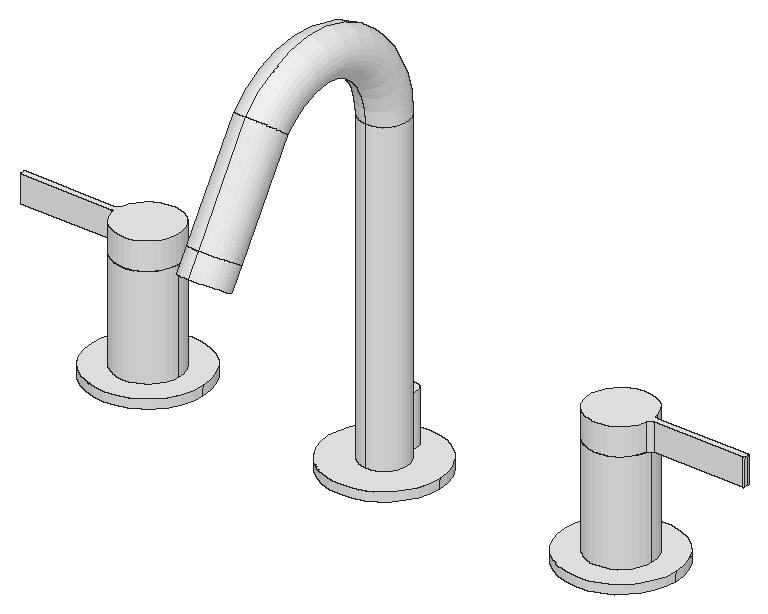
Revit family "Faucet-Counter_Mount-Kohler-Stillness-K_942-4", category Plumbing Fixtures, host Face, Revit 2015
Parameters (values of type "CP - Polished Chrome")
  Waste Connection = no
  WFU = 0
  Version = "2014 - v1.0a"  # constant formula
  Vent Connection = no
  URL = "http://www.us.kohler.com/us/"
  Spout Reach = 0' - 3 7/8"  # constant formula
  Product Page URL = "http://www.us.kohler.com/us/catalog/productDetails.jsp?productNumber=942-4"
  Product Name = "Stillness Widespread Bathroom Sink Faucet With Lever Handles"  # constant formula
  Product Documentation Link = "http://www.us.kohler.com/webassets/kpna/catalog/pdf/en/K-942-4_spec.pdf"
  Pressure = 60.00 psi  # constant formula
  Model = if(ControlM = 6820, "K-942-4-BN", if(ControlM = 6914, "K-942-4-CP", "None"))  # "K-942-4-CP"
  Material = "Brass"  # constant formula
  Manufacturer Phone Number = "800-456-4537"  # constant formula
  Manufacturer Address = "444 Highland Drive, Kohler, WI  53044"  # constant formula
  Manufacturer = "Kohler"  # constant formula
  Length = 0' - 3 7/8"  # constant formula
  Keynote = "22 40 00"
  Hot Water Diameter = 0' - 0 3/8"  # constant formula
  Hot Water Connector = "Hot Water"  # constant formula
  Height = 0' - 7 1/4"  # constant formula
  Handle Clearance = 0' - 2 1/8"  # constant formula
  HWFU = 0
  HW Connection = yes
  Flow Rate = 1.2 GPM  # constant formula
  Finish = Metal - Kohler - CP - Polished Chrome
  Faucet Hole Spacing [instance] = if(Desired Faucet Hole Spacing < 0' 8", 0' 8", (if(Desired Faucet Hole Spacing > 1' 4", 1' 4", Desired Faucet Hole Spacing)))  # 0' - 8"
  Desired Faucet Hole Spacing [instance] = 0' - 5"
  Description = if(ControlM = 6820, "Widespread Bathroom Sink Faucet, Vibrant Brushed Nickel", if(ControlM = 6914, "Widespread Bathroom Sink Faucet, Polished Chrome", "Not Available"))  # "Widespread Bathroom Sink Faucet, Polished Chrome"
  Default Elevation = 2' - 10"
  Copyright = "Copyright 2015 by Kohler Co."  # constant formula
  ControlM = 6914
  Cold Water Diameter = 0' - 0 3/8"  # constant formula
  Cold Water Connector = "Cold Water"  # constant formula
  CWFU = 0
  CW Connection = yes
  Assembly Code = "D2010"
  ADA Compliant = yes
Types (2): name | Model | Finish | Desired Faucet Hole Spacing | Description | ControlM
  BN - Vibrant Brushed Nickel | "K-942-4-BN" | Metal - Kohler - SN - Vibrant Polished Nickel | 0' - 8" | "Widespread Bathroom Sink Faucet, Vibrant Brushed Nickel" | 6820
  CP - Polished Chrome | "K-942-4-CP" | Metal - Kohler - CP - Polished Chrome | 0' - 5" | "Widespread Bathroom Sink Faucet, Polished Chrome" | 6914
Reference planes (in)
  plane 1 "Center (Front/Back)": y = 0
  plane 2: z = 0
  plane 3 "Center (Left/Right)": x = 0
  plane 4 "Right Handle": x = 4
  plane 5 "Left Handle": x = -4
  plane 6: z = 7.25
  plane 7: y = 0.5293
  plane 8: y = -0.5293
  plane 9: z = 1.85
  plane 10: z = 1.86
  plane 11: z = 2.3125
  plane 12: z = 1
  plane 13: y = -3.875
  plane 14: z = 4.5
  plane 15: y = 0
  plane 16: x = -4
  plane 17 "Front": y = -4.12621
  plane 18: y = 0
  plane 19: x = -1.09119
  plane 20: x = 1.09119
Forms (in)
  Extrusion 1, solid, material "Metal - Kohler - CP - Polished Chrome" <- "Finish"
    sketch origin (0, 0, 0) x (1, 0, 0) y (0, 1, 0)
      loop
        circle (0, 0) r 0.9375
    from 0 to 0.15
  Sweep 2, solid, material "Metal - Kohler - CP - Polished Chrome" <- "Finish"
    path origin (0, 0, 0) x (0, -1, 0) y (0, 0, 1)
      loop
        line (0, 0.15) -> (0, 5.35893)
        arc (0, 5.35893) -> (0.96386, 6.75607) -> (2.6122, 6.35111) r 1.49452
        line (2.6122, 6.35111) -> (3.59216, 4.78284)
    profile origin (0, 0, 2.75447) x (0, -1, 0) y (1, 0, 0)
      loop
        circle (0, 0) r 0.38147
  Revolve 3, solid, material "Metal - Kohler - CP - Polished Chrome" <- "Finish"
    sketch origin (0, 0, 0) x (0, -1, 0) y (0, 0, 1)
      loop
        line (3.96194, 4.7228) -> (3.98817, 4.68082) -> (4.02055, 4.67335) -> (4.06136, 4.60805) -> (4.12621, 4.64857) -> (3.91424, 4.98779) -> (3.59074, 4.78564) -> (3.72322, 4.57363) -> (3.96194, 4.7228)
      axis (3.59074, 4.78564) -> (3.8027, 4.44642)
    angle from 0 to 360
  Extrusion 4, solid, material "Metal - Kohler - CP - Polished Chrome" <- "Finish"
    sketch origin (0, 0, 0) x (1, 0, 0) y (0, 1, 0)
      loop
        arc (-0.11664, 0.3625) -> (0, 0.3808) -> (0.11664, 0.3625) r 0.3808
        arc (0.11664, 0.3625) -> (0, 0.64868) -> (-0.11664, 0.3625) r 0.16686
    from 0.15 to 1
  Extrusion 5, void
    sketch origin (0, 0, 0) x (0, -1, 0) y (0, 0, -1)
      loop
        line (-0.55976, -0.82) -> (-0.55976, -0.56)
        arc (-0.55976, -0.56) -> (-0.57734, -0.51757) -> (-0.61976, -0.5) r 0.06
        arc (-0.61976, -0.5) -> (-0.64212, -0.49074) -> (-0.65139, -0.46837) r 0.03163
        line (-0.65139, -0.46837) -> (-0.76165, -0.46837) -> (-0.76165, -0.91163) -> (-0.65139, -0.91163)
        arc (-0.65139, -0.91163) -> (-0.64212, -0.88926) -> (-0.61976, -0.88) r 0.03163
        arc (-0.61976, -0.88) -> (-0.57734, -0.86243) -> (-0.55976, -0.82) r 0.06
    from -1.09119 to 1.09119
Cuts and joins
  Extrusion 5 cuts Extrusion 4
Lines and regions (in)
  Masking region 1
    outline origin (0, 0, 0) x (0, -1, 0) y (1, 0, 0)
      loop
        arc (3.81581, -0.38147) -> (3.91685, -0.35736) -> (4.00237, -0.2993) r 0.28303
        arc (4.00237, -0.2993) -> (4.12571, -0.00044) -> (4.00237, 0.29841) r 0.42374
        arc (4.00237, 0.29841) -> (3.91685, 0.35736) -> (3.81581, 0.38147) r 0.28303
        line (3.81581, 0.38147) -> (0.85638, 0.38147)
        arc (0.85638, 0.38147) -> (-0.7863, 0.51053) -> (0, -0.9375) r 0.9375
        arc (0, -0.9375) -> (0.51053, -0.7863) -> (0.85638, -0.38147) r 0.9375
        line (0.85638, -0.38147) -> (3.81581, -0.38147)
  Masking region 2, detail levels medium+fine
    outline origin (0, 0, 0) x (1, 0, 0) y (0, 0, 1)
      loop
        line (0.9375, 0) -> (0.9375, 0.15) -> (0.38147, 0.15) -> (0.38147, 6.85399)
        arc (0.38147, 6.85399) -> (0, 7.23547) -> (-0.38147, 6.85399) r 0.38147
        line (-0.38147, 6.85399) -> (-0.38147, 0.15) -> (-0.9375, 0.15) -> (-0.9375, 0) -> (0.9375, 0)
  Masking region 3, detail levels coarse
    outline origin (0, 0, 0) x (1, 0, 0) y (0, 0, 1)
      loop
        line (-0.38778, 0) -> (0.38778, 0) -> (0.38778, 7.25) -> (-0.38778, 7.25) -> (-0.38778, 0)
  Masking region 4, detail levels fine
    outline origin (0, 0.00098, 0) x (0, 1, 0) y (0, 0, 1)
      loop
        line (0.36828, 2.3125) -> (0.36828, 5.36803)
        arc (0.36828, 5.36803) -> (-0.85388, 7.12016) -> (-2.92031, 6.57841) r 1.86704
        line (-2.92031, 6.57841) -> (-4.12621, 4.64857) -> (-3.47888, 4.24407) -> (-2.30684, 6.11973)
        arc (-2.30684, 6.11973) -> (-1.12294, 6.40927) -> (-0.36828, 5.45223) r 1.12669
        line (-0.36828, 5.45223) -> (-0.36828, 2.3125) -> (0.36828, 2.3125)
      loop
        line (0.5293, 1) -> (0.5293, 0.15) -> (0.64854, 0.15) -> (0.64854, 0.48149)
        arc (0.64854, 0.48149) -> (0.63764, 0.49495) -> (0.62107, 0.50001) r 0.02963
        arc (0.62107, 0.50001) -> (0.57759, 0.51803) -> (0.55958, 0.56151) r 0.06149
        line (0.55958, 0.56151) -> (0.55958, 0.8197)
        arc (0.55958, 0.8197) -> (0.57719, 0.86175) -> (0.61951, 0.8787) r 0.05901
        arc (0.61951, 0.8787) -> (0.6365, 0.88528) -> (0.64868, 0.89883) r 0.0392
        line (0.64868, 0.89883) -> (0.64868, 1) -> (0.5293, 1)
  Masking region 5, detail levels coarse+medium
    outline origin (0, 0, 0) x (0, 1, 0) y (0, 0, 1)
      loop
        line (-0.36828, 5.45223) -> (-0.36828, 2.3125) -> (0.36828, 2.3125) -> (0.36828, 5.36803)
        arc (0.36828, 5.36803) -> (-0.85388, 7.12016) -> (-2.92031, 6.57841) r 1.86704
        line (-2.92031, 6.57841) -> (-4.12621, 4.64857) -> (-3.47888, 4.24407) -> (-2.30684, 6.11973)
        arc (-2.30684, 6.11973) -> (-1.12294, 6.40927) -> (-0.36828, 5.45223) r 1.12669
  Masking region 6, detail levels medium
    outline origin (0, 0, 0) x (0, 1, 0) y (0, 0, 1)
      loop
        line (0.53027, 1) -> (0.53027, 0.15) -> (0.6856, 0.15) -> (0.6856, 1) -> (0.53027, 1)
  symbolic lines, detail levels fine
    curve 1: line (-0.37691, -1.05928, 0) -> (-0.37691, 0.05886, 0)
    curve 2: line (0.37691, -1.05928, 0) -> (0.37691, 0.05886, 0)
    curve 3: arc (0.37691, 0.05886, 0) -> (0, 0.38147, 0) -> (-0.37691, 0.05886, 0) r 0.38147
    curve 4: arc (-0.11718, 0.36303, 0) -> (0, 0.649, 0) -> (0.11718, 0.36303, 0) r 0.16699
    curve 5: arc (-0.36539, 0, 4.50487) -> (-0.00917, 0, 4.64557) -> (0.34852, 0, 4.50868) r 0.52843
    curve 6: arc (-0.36445, 0, 4.38256) -> (0.00548, 0, 4.23261) -> (0.37117, 0, 4.39263) r 0.51397
    curve 7: arc (0.37117, 0, 4.39263) -> (0.37913, 0, 4.45442) -> (0.34852, 0, 4.50868) r 0.09876
    curve 8: arc (-0.36445, 0, 4.38256) -> (-0.3855, 0, 4.44356) -> (-0.36539, 0, 4.50487) r 0.10118
    curve 9: arc (0.38312, 0, 4.76835) -> (-0.00031, 0, 4.98524) -> (-0.38374, 0, 4.76835) r 0.44738
    curve 11: line (0.38147, 0, 0.15) -> (-0.38147, 0, 0.15)
  symbolic lines, detail levels medium
    curve 10: arc (0.38312, 0, 4.48165) -> (-0.00031, 0, 4.26476) -> (-0.38374, 0, 4.48165) r 0.44738
Dimensions and locks (in)
  equal spacing: plane 5 "Left Handle", plane 3 "Center (Left/Right)", plane 4 "Right Handle"
  "Height": plane 6 to plane 2
  equal spacing: plane 7, plane 1 "Center (Front/Back)", plane 8
  locked: plane 7 to plane 8 at 1.05859
  locked: plane 1 "Center (Front/Back)" to Extrusion 1 sketch curve at 0.9375
  locked: plane 3 "Center (Left/Right)" to Extrusion 1 sketch curve at 0.9375
  locked: plane 12 to plane 2 at 1
  locked: plane 11 to plane 2 at 2.3125
  "Faucet Hole Spacing": plane 5 "Left Handle" to plane 4 "Right Handle"
  locked: plane 3 "Center (Left/Right)" to Sweep 2 sketch curve at 0
  locked: plane 3 "Center (Left/Right)" to Sweep 2 sketch curve at 0.38147
  locked: Sweep 2 sketch curve to plane 1 "Center (Front/Back)" at 0.38147
  Revolve 3 sketch curve to Revolve 3 sketch curve to Revolve 3 sketch curve to Revolve 3 sketch curve to Revolve 3 sketch curve to Revolve 3 sketch curve to Revolve 3 sketch curve to Revolve 3 sketch curve to plane 2 = 0' - 0.20215" locked, 0' - 0.06284" locked, 0' - 0.04198" locked, 0' - 0.00748" locked, 0' - 0.02477" locked, 0' - 0.04053" locked, 0' - 0.03442" locked, 0' - 4.57363" locked
  plane 1 "Center (Front/Back)" to Revolve 3 sketch curve to Revolve 3 sketch curve to Revolve 3 sketch curve to Revolve 3 sketch curve to Revolve 3 sketch curve to Revolve 3 sketch curve to Revolve 3 sketch curve to Revolve 3 sketch curve = 0' - 3.59074" locked, 0' - 0.13248" locked, 0' - 0.19103" locked, 0' - 0.0477" locked, 0' - 0.02623" locked, 0' - 0.03238" locked, 0' - 0.0408" locked, 0' - 0.06485" locked
  Extrusion 5 sketch curve to Extrusion 5 sketch curve to Extrusion 5 sketch curve to Extrusion 5 sketch curve to Extrusion 5 sketch curve to Extrusion 5 sketch curve to plane 7 = 0' - 0.11026" locked, 0' - 0" locked, 0' - 0.03163" locked, 0' - 0" locked, 0' - 0.06" locked, 0' - 0.03046" locked
  Extrusion 5 sketch curve to Extrusion 5 sketch curve to Extrusion 5 sketch curve to Extrusion 5 sketch curve to Extrusion 5 sketch curve to Extrusion 5 sketch curve to host face = 0' - 0.03163" locked, 0' - 0" locked, 0' - 0.38" locked, 0' - 0" locked, 0' - 0.03163" locked, 0' - 0.46837" locked
  plane 1 "Center (Front/Back)" to Extrusion 4 sketch curve to Extrusion 4 sketch curve = 0' - 0.3808" locked, 0' - 0.26788" locked
  locked: plane 3 "Center (Left/Right)" to Extrusion 4 sketch curve at 0.16686
  host face to plane 14 = 0' - 4 1/2"  (x2)
  plane 1 "Center (Front/Back)" to plane 13 = 0' - 3 7/8"
  plane 6 to host face = 0' - 7 1/4"  (x2)
  plane 13 to plane 1 "Center (Front/Back)" = 0' - 3 7/8"
  equal spacing: plane 19, plane 3 "Center (Left/Right)", plane 20, locked at 1.09119 each
  plane 18 to Sweep 2 sketch curve to Sweep 2 sketch curve = 0' - 2.6122" locked, 0' - 0.97996" locked
  plane 6 to Sweep 2 sketch curve to Sweep 2 sketch curve to Sweep 2 sketch curve = 0' - 0.39654" locked, 0' - 2.07061" locked, 0' - 4.63284" locked
  aligned and locked: plane 2 to host face
  aligned and locked: level to host face
  aligned and locked: Extrusion 1 to plane 2
  aligned and locked: Sweep 2 sketch curve to plane 3 "Center (Left/Right)"
  aligned and locked: plane 1 "Center (Front/Back)" to Sweep 2 sketch curve
  aligned and locked: Revolve 3 sketch curve to plane 3 "Center (Left/Right)"  (x2)
  aligned and locked: Extrusion 4 to plane 12
  aligned and locked: Extrusion 4 to Extrusion 1
  aligned and locked: plane 3 "Center (Left/Right)" to Extrusion 1 sketch curve
  aligned and locked: plane 1 "Center (Front/Back)" to plane 15
  aligned and locked: plane 16 to plane 5 "Left Handle"
  aligned and locked: plane 17 "Front" to Revolve 3
  aligned and locked: plane 1 "Center (Front/Back)" to plane 18
  aligned and locked: nested 1 to plane 5 "Left Handle"
  aligned and locked: plane 18 to nested 1
  aligned and locked: plane 4 "Right Handle" to nested 2
  aligned and locked: nested 2 to plane 18
  aligned and locked: Extrusion 5 to plane 19
  aligned and locked: plane 20 to Extrusion 5
  aligned and locked: plane 18 to Sweep 2 sketch curve
Automatic sketch dimensions
  Sweep 2 sketch curve to plane 1 "Center (Front/Back)" = 0' - 0"
  Sweep 2 sketch curve to level = 0' - 0.15"
  Revolve 3 sketch curve to Revolve 3 sketch curve = 0' - 0"  (x4)
  host sketch curve to host sketch curve = 8' - 0"  (x2)
  Sweep 2 sketch curve to plane 3 "Center (Left/Right)" = 0' - 0"
  plane 1 "Center (Front/Back)" to Extrusion 4 sketch curve = 0' - 0"
  Extrusion 4 sketch curve to plane 3 "Center (Left/Right)" = 0' - 0"  (x2)
  Extrusion 5 sketch curve to Extrusion 5 sketch curve = 0' - 0.06"
  Masking region 1 sketch curve to Masking region 1 sketch curve = 0' - 0"  (x4)
  plane 1 "Center (Front/Back)" to Masking region 1 sketch curve = 0' - 0"
  Masking region 1 sketch curve to plane 3 "Center (Left/Right)" = 0' - 0"
  plane 8 to Masking region 1 sketch curve = 0' - 0.32708"  (x2)
  Masking region 1 sketch curve to plane 3 "Center (Left/Right)" = 0' - 0.00044"
  plane 13 to Masking region 1 sketch curve = 0' - 0.17302"
  plane 13 to Masking region 1 sketch curve = 0' - 0.07327"  (x2)
  plane 13 to Masking region 1 sketch curve = 0' - 0.05919"  (x2)
  Masking region 1 sketch curve to plane 3 "Center (Left/Right)" = 0' - 0.0988"
  Masking region 1 sketch curve to plane 3 "Center (Left/Right)" = 0' - 0.38147"
  plane 3 "Center (Left/Right)" to Masking region 1 sketch curve = 0' - 0.0988"
  Masking region 1 sketch curve to plane 13 = 0' - 0.12737"
  curve 4 to plane 3 "Center (Left/Right)" = 0' - 0"
  plane 1 "Center (Front/Back)" to curve 3 = 0' - 0"
  curve 3 to plane 3 "Center (Left/Right)" = 0' - 0"
  curve 1 to plane 1 "Center (Front/Back)" = 0' - 0.05886"
  curve 1 to plane 3 "Center (Left/Right)" = 0' - 0.37691"
  curve 2 to plane 1 "Center (Front/Back)" = 0' - 0.05886"
  curve 4 to plane 7 = 0' - 0.04729"
  curve 4 to plane 3 "Center (Left/Right)" = 0' - 0 15/128"
  plane 8 to curve 1 = 0' - 0.52998"
  plane 8 to curve 2 = 0' - 0.52998"
  Masking region 3 sketch curve to plane 6 = 0' - 0"
  Masking region 3 sketch curve to level = 0' - 0"
  Masking region 3 sketch curve to plane 3 "Center (Left/Right)" = 0' - 0.38778"
  plane 3 "Center (Left/Right)" to Masking region 3 sketch curve = 0' - 0.38778"
  Masking region 2 sketch curve to level = 0' - 0"
  Masking region 2 sketch curve to plane 3 "Center (Left/Right)" = 0' - 0"
  level to Masking region 2 sketch curve = 0' - 0.15"  (x2)
  Masking region 2 sketch curve to plane 3 "Center (Left/Right)" = 0' - 0.38147"
  plane 19 to Masking region 2 sketch curve = 0' - 0.15369"
  Masking region 2 sketch curve to plane 20 = 0' - 0.15369"
  Masking region 2 sketch curve to plane 6 = 0' - 0.39601"
  Masking region 4 sketch curve to plane 11 = 0' - 0"
  plane 12 to Masking region 4 sketch curve = 0' - 0"
  Masking region 4 sketch curve to plane 17 "Front" = 0' - 0.00098"
  plane 13 to Masking region 4 sketch curve = 0' - 0.3971"
  plane 13 to Masking region 4 sketch curve = 0' - 0.95566"
  Masking region 4 sketch curve to Masking region 4 sketch curve = 0' - 0.61348"
  plane 8 to Masking region 4 sketch curve = 0' - 0.96849"
  Masking region 4 sketch curve to Masking region 4 sketch curve = 0' - 0.009"
  Masking region 4 sketch curve to plane 8 = 0' - 0.16199"
  Masking region 4 sketch curve to plane 7 = 0' - 0.16004"
  plane 7 to Masking region 4 sketch curve = 0' - 0.00098"
  plane 7 to Masking region 4 sketch curve = 0' - 0 1/32"
  plane 7 to Masking region 4 sketch curve = 0' - 0.08592"
  Masking region 4 sketch curve to Masking region 4 sketch curve = 0' - 0.05901"
  Masking region 4 sketch curve to Masking region 4 sketch curve = 0' - 0.06149"
  Masking region 4 sketch curve to Masking region 4 sketch curve = 0' - 0.02747"
  Masking region 4 sketch curve to Masking region 4 sketch curve = 0' - 0.03444"
  plane 12 to Masking region 4 sketch curve = 0' - 0.08245"
  Masking region 4 sketch curve to Masking region 4 sketch curve = 0' - 0.01872"
  Masking region 4 sketch curve to Masking region 4 sketch curve = 0' - 0.07913"
  Masking region 4 sketch curve to Masking region 4 sketch curve = 0' - 0.25819"
  Masking region 4 sketch curve to Masking region 4 sketch curve = 0' - 0.01853"
  Masking region 4 sketch curve to Masking region 4 sketch curve = 0' - 0.0111"
  level to Masking region 4 sketch curve = 0' - 0.15"
  plane 14 to Masking region 4 sketch curve = 0' - 0.25593"
  Masking region 4 sketch curve to plane 14 = 0' - 0.14857"
  Masking region 4 sketch curve to Masking region 4 sketch curve = 0' - 0.02407"
  Masking region 5 sketch curve to plane 17 "Front" = 0' - 0"
  Masking region 5 sketch curve to plane 11 = 0' - 0"
  plane 13 to Masking region 5 sketch curve = 0' - 0.39612"
  plane 13 to Masking region 5 sketch curve = 0' - 0.95469"
  Masking region 5 sketch curve to Masking region 5 sketch curve = 0' - 0.61348"
  plane 8 to Masking region 5 sketch curve = 0' - 0.96946"
  Masking region 5 sketch curve to Masking region 5 sketch curve = 0' - 0.009"
  Masking region 5 sketch curve to plane 8 = 0' - 0.16102"
  Masking region 5 sketch curve to plane 7 = 0' - 0.16102"
  plane 14 to Masking region 5 sketch curve = 0' - 0.25593"
  Masking region 5 sketch curve to plane 14 = 0' - 0.14857"
  Masking region 5 sketch curve to Masking region 5 sketch curve = 0' - 0.02407"
  plane 12 to Masking region 6 sketch curve = 0' - 0"
  plane 7 to Masking region 6 sketch curve = 0' - 0.00098"
  Masking region 6 sketch curve to Masking region 6 sketch curve = 0' - 0.15533"
  level to Masking region 6 sketch curve = 0' - 0.15"
  plane 14 to curve 8 = 0' - 0.05566"
  curve 8 to plane 3 "Center (Left/Right)" = 0' - 0.28432"
  curve 5 to plane 3 "Center (Left/Right)" = 0' - 0.00636"
  curve 6 to plane 3 "Center (Left/Right)" = 0' - 0.00155"
  curve 10 to plane 3 "Center (Left/Right)" = 0' - 0.00031"
  curve 9 to plane 3 "Center (Left/Right)" = 0' - 0.00031"
  plane 14 to curve 7 = 0' - 0.06449"
  plane 3 "Center (Left/Right)" to curve 7 = 0' - 0.2822"
  plane 14 to curve 5 = 0' - 0.38286"
  curve 9 to plane 14 = 0' - 0.03786"
  curve 9 to curve 10 = 0' - 0.17428"
  curve 10 to curve 6 = 0' - 0.03439"
  curve 8 to curve 8 = 0' - 0.08013"
  curve 5 to plane 14 = 0' - 0.00487"
  curve 5 to curve 8 = 0' - 0.08107"
  level to curve 11 = 0' - 0.15"
  curve 11 to plane 3 "Center (Left/Right)" = 0' - 0.38147"
  curve 10 to curve 5 = 0' - 0.01835"
  curve 9 to curve 8 = 0' - 0.01835"
  curve 7 to curve 5 = 0' - 0"
  plane 3 "Center (Left/Right)" to curve 11 = 0' - 0.38147"
  curve 5 to curve 9 = 0' - 0.0346"
  plane 14 to curve 10 = 0' - 0.01835"
  curve 5 to curve 10 = 0' - 0.0346"
  curve 8 to curve 9 = 0' - 0.26348"
Nested families (in)
  nested 1: "Stillness Faucet Nested Family" at (-4, 0, 0), type "Stillness Faucet Nested Family"
  nested 2: "Stillness Faucet Nested Family" at (4, 0, 0) x (-1, 0, 0) z (0, 0, 1), type "Stillness Faucet Nested Family"
Connectors (in)
  piping at (-4, 0, 0), diameter 0.375, driven by "Flow Rate", driven by "Hot Water Diameter", driven by "HW Connection", driven by "Hot Water Connector"
    settings: on nested 1, index 1, connector inside diameter 24", connector length 0' - 0", flow factor 0, pipe flow 1.2 GPM, pressure drop 0.00 psi, fitting loss kfactor 0, connector angle 0.00°, fixture units 0, engagement length 0' - 0", angle of deflection 0.00°, flow configuration 0, flow direction 1, fitting loss method 0, system type 19, joint type 0, gender type 0, connector reference index -1, connector utility 1, adjustable connector no, is connector primary yes, connector description "Hot Water"
  piping at (4, 0, 0), diameter 0.375, driven by "Flow Rate", driven by "Cold Water Diameter", driven by "CW Connection", driven by "Cold Water Connector"
    settings: on nested 2, index 2, connector inside diameter 24", connector length 0' - 0", flow factor 0, pipe flow 1.2 GPM, pressure drop 0.00 psi, fitting loss kfactor 0, connector angle 0.00°, fixture units 0, engagement length 0' - 0", angle of deflection 0.00°, flow configuration 0, flow direction 1, fitting loss method 0, system type 20, joint type 0, gender type 0, connector reference index -1, connector utility 1, adjustable connector no, is connector primary no, connector description "Cold Water"
Definition of nested family "Stillness Faucet Nested Family"
  Parameters (values of type "Stillness Faucet Nested Family")
    Material = ""
    Finish = none
    Default Elevation = 4' - 0"
  Reference planes (in)
    plane 1 "Center (Front/Back)": y = 0
    plane 2: z = 0
    plane 3 "Center (Left/Right)": x = 0
  Forms (in)
    Extrusion 1, solid
      sketch origin (0, 0, 0) x (1, 0, 0) y (0, 1, 0)
        loop
          line (-48, 48) -> (-48, -48) -> (48, -48) -> (48, 48) -> (-48, 48)
      from 0 to -12
    Extrusion 2, solid, material <- "Finish"
      sketch origin (4, 0, 0) x (1, 0, 0) y (0, 1, 0)
        loop
          circle (-4, 0) r 0.53
      from 0.15 to 1.85
    Extrusion 3, solid, material <- "Finish"
      sketch origin (4, 0, 0) x (1, 0, 0) y (0, 1, 0)
        loop
          arc (-4.51851, 0.10978) -> (-4.54412, 0.06793) -> (-4.59037, 0.05154) r 0.07346
          line (-4.59037, 0.05154) -> (-6.10471, 0.05154)
          arc (-6.10471, 0.05154) -> (-6.11906, 0.0456) -> (-6.125, 0.03125) r 0.02029
          line (-6.125, 0.03125) -> (-6.125, -0.03125)
          arc (-6.125, -0.03125) -> (-6.11906, -0.0456) -> (-6.10471, -0.05154) r 0.02029
          line (-6.10471, -0.05154) -> (-4.59037, -0.05154)
          arc (-4.59037, -0.05154) -> (-4.54412, -0.06793) -> (-4.51851, -0.10978) r 0.07346
          arc (-4.51851, -0.10978) -> (-3.47, 0) -> (-4.51851, 0.10978) r 0.53
      from 1.86 to 2.3125
    Extrusion 4, solid, material <- "Finish"
      sketch origin (4, 0, 0) x (1, 0, 0) y (0, 1, 0)
        loop
          circle (-4, 0) r 0.48
      from 1.85 to 1.86
    Extrusion 5, solid, material <- "Finish"
      sketch origin (4, 0, 0) x (1, 0, 0) y (0, 1, 0)
        loop
          circle (-4, 0) r 0.9375
      from 0 to 0.15
  Lines and regions (in)
    Masking region 1, detail levels medium+fine
      outline origin (0, 0, 0) x (1, 0, 0) y (0, 1, 0)
        loop
          line (-0.93859, 0.05154) -> (-2.125, 0.05154) -> (-2.125, -0.05154) -> (-0.93859, -0.05154)
          arc (-0.93859, -0.05154) -> (0.02578, -0.93965) -> (0.94, 0) r 0.94
          arc (0.94, 0) -> (0.02578, 0.93965) -> (-0.93859, 0.05154) r 0.94
    Masking region 2, detail levels coarse
      outline origin (0, 0, 0) x (1, 0, 0) y (0, 1, 0)
        loop
          circle (0, 0) r 0.9375
    Masking region 3, detail levels medium+fine
      outline origin (0, 0, 0) x (1, 0, 0) y (0, 0, 1)
        loop
          line (-2.10471, 2.3125) -> (-2.10471, 1.86) -> (-0.5303, 1.86) -> (-0.5303, 0.15099) -> (-0.93932, 0.15099) -> (-0.93932, -0.00135) -> (0.9387, -0.00135) -> (0.9387, 0.15) -> (0.53, 0.15) -> (0.53, 2.3125) -> (-2.10471, 2.3125)
    Masking region 4, detail levels coarse
      outline origin (-0.01172, 0, 0) x (1, 0, 0) y (0, 0, 1)
        loop
          line (-2.125, 2.30963) -> (-2.125, 1.86) -> (-0.52006, 1.86) -> (-0.52006, 0.15) -> (0.54128, 0.15) -> (0.54128, 2.30963) -> (-2.125, 2.30963)
    Masking region 5, detail levels medium+fine
      outline origin (0, 0, 0) x (0, 1, 0) y (0, 0, 1)
        loop
          line (0.9375, 0) -> (0.9375, 0.15) -> (0.53, 0.15) -> (0.53, 2.3125) -> (-0.53, 2.3125) -> (-0.53, 0.15) -> (-0.9375, 0.15) -> (-0.9375, 0) -> (0.9375, 0)
    Masking region 6, detail levels coarse
      outline origin (0, 0, 0) x (0, 1, 0) y (0, 0, 1)
        loop
          line (-0.53, 0) -> (0.53, 0) -> (0.53, 2.3125) -> (-0.53, 2.3125) -> (-0.53, 0)
    symbolic lines, detail levels fine
      curve 1: arc (-0.51851, -0.10978, 0) -> (0.53, 0, 0) -> (-0.51851, 0.10978, 0) r 0.53
      curve 2: arc (-0.51851, 0.10978, 0) -> (-0.54412, 0.06793, 0) -> (-0.59037, 0.05154, 0) r 0.07346
      curve 3: arc (-0.59037, -0.05154, 0) -> (-0.54412, -0.06793, 0) -> (-0.51851, -0.10978, 0) r 0.07346
      curve 4: line (-0.93859, -0.05154, 0) -> (-0.59037, -0.05154, 0)
      curve 5: line (-0.59037, 0.05154, 0) -> (-0.93859, 0.05154, 0)
      curve 6: line (0, -0.05154, 1.86) -> (0, -0.05154, 2.3125)
      curve 7: line (0, 0.05154, 2.3125) -> (0, 0.05154, 1.86)
      curve 8: line (0, 0.53, 1.86) -> (0, -0.53, 1.86)
      curve 9: line (0, 0.53, 0.15) -> (0, -0.53, 0.15)
      curve 10: line (-0.53, 0, 1.85) -> (0.53, 0, 1.85)
      curve 11: line (-0.53, 0, 0.15) -> (0.52957, 0, 0.15)
  Dimensions and locks (in)
    Extrusion 3 sketch curve to Extrusion 3 sketch curve to Extrusion 3 sketch curve to plane 1 "Center (Front/Back)" to Extrusion 3 sketch curve to Extrusion 3 sketch curve to Extrusion 3 sketch curve to Extrusion 3 sketch curve = 0' - 0" locked, 0' - 0" locked, 0' - 0.05154" locked, 0' - 0.05154" locked, 0' - 0" locked, 0' - 0" locked, 0' - 0.47846" locked
    Extrusion 3 sketch curve to Extrusion 3 sketch curve to Extrusion 3 sketch curve to Extrusion 3 sketch curve to Extrusion 3 sketch curve to plane 3 "Center (Left/Right)" to Extrusion 3 sketch curve = 0' - 0.02029" locked, 0' - 0" locked, 0' - 1.51434" locked, 0' - 0" locked, 0' - 0.59037" locked, 0' - 0.53" locked
    locked: plane 3 "Center (Left/Right)" to Extrusion 5 sketch curve at 0.9375
    locked: Extrusion 5 sketch curve to plane 1 "Center (Front/Back)" at 0.9375
    locked: plane 3 "Center (Left/Right)" to Extrusion 4 sketch curve at 0.48
    locked: plane 1 "Center (Front/Back)" to Extrusion 4 sketch curve at 0.48
    locked: plane 1 "Center (Front/Back)" to Extrusion 2 sketch curve at 0.53
    locked: plane 3 "Center (Left/Right)" to Extrusion 2 sketch curve at 0.53
    aligned and locked: plane 2 to Extrusion 1
    aligned and locked: level to Extrusion 1
    aligned and locked: plane 1 "Center (Front/Back)" to Extrusion 5 sketch curve
    aligned and locked: plane 3 "Center (Left/Right)" to Extrusion 5 sketch curve
    aligned and locked: plane 1 "Center (Front/Back)" to Extrusion 2 sketch curve
    aligned and locked: plane 3 "Center (Left/Right)" to Extrusion 2 sketch curve
